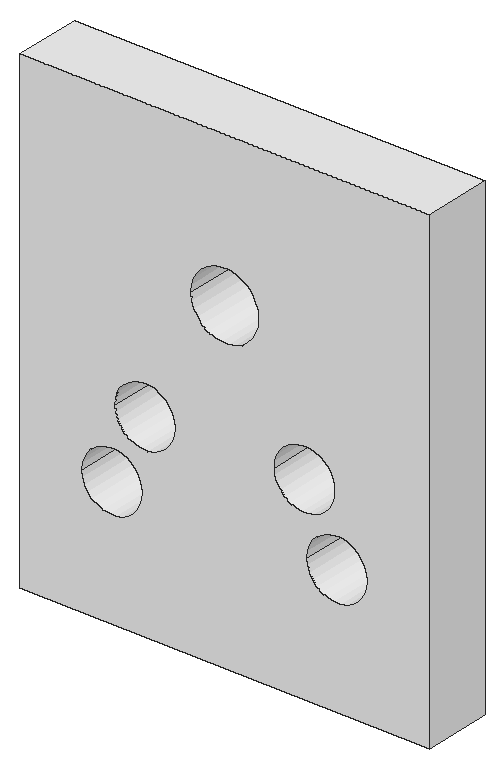
Revit family
Parameters (values of type "30x35 mm")
  Switch Material = Plastic
  Mounting Height = 1000 mm
Reference planes
  plane 1: y = 0
  plane 2 "Center (Left/Right)": x = 125
  plane 3 "Back": y = 75
  plane 4: z = 1000
Forms (mm)
  Extrusion 1, solid, material "Plastic" <- "Switch Material"
    sketch origin (0, 75, 0) x (1, 0, 0) y (0, 0, 1)
      loop
        line (110, 1000) -> (140, 1000) -> (140, 1035) -> (110, 1035) -> (110, 1000)
      loop
        circle (125, 1023.755) r 2.5
      loop
        circle (116.774, 1009.331) r 2.221
      loop
        circle (133.226, 1009.331) r 2.221
      loop
        circle (119.153, 1014.42) r 2.221
      loop
        circle (130.847, 1014.42) r 2.221
    from 0 to -5
Lines and regions (mm)
  symbolic lines
    curve 1: line (110, 80, 0) -> (140, 80, 0)
    curve 2: line (110, 75, 0) -> (110, 80, 0)
    curve 3: line (140, 75, 0) -> (110, 75, 0)
    curve 4: line (140, 80, 0) -> (140, 75, 0)
Text (mm)
  text "Placement side" at (-1867.185, 1116.779, 0), in view "Ref. Level"
  text "Placement side" at (0, 1270.507, 3001.832), in view "Left"
  text "Placement side" at (0, 530.812, 2999.686), in view "Right"
Dimensions and locks
  locked: plane 3 "Back" to host wall
  locked: Extrusion 1 to plane 3 "Back" at 5
  locked: plane 3 "Back" to curve 1 at 5
  "Mounting Height": level to plane 4
  aligned and locked: plane 1 to host wall
  aligned and locked: Extrusion 1 to host wall
  aligned and locked: curve 1 to Extrusion 1
  aligned and locked: curve 4 to Extrusion 1  (x2)
Automatic sketch dimensions
  Extrusion 1 sketch curve to plane 4 = 0 mm
  Extrusion 1 sketch curve to plane 2 "Center (Left/Right)" = 0 mm
  Extrusion 1 sketch curve to plane 2 "Center (Left/Right)" = 5.847 mm
  Extrusion 1 sketch curve to Extrusion 1 sketch curve = 2.379 mm  (x2)
  Extrusion 1 sketch curve to Extrusion 1 sketch curve = 6.774 mm
  plane 2 "Center (Left/Right)" to Extrusion 1 sketch curve = 5.847 mm
  plane 2 "Center (Left/Right)" to Extrusion 1 sketch curve = 15 mm
  Extrusion 1 sketch curve to plane 4 = 9.331 mm  (x2)
  Extrusion 1 sketch curve to Extrusion 1 sketch curve = 5.089 mm  (x2)
  Extrusion 1 sketch curve to Extrusion 1 sketch curve = 9.335 mm
  Extrusion 1 sketch curve to Extrusion 1 sketch curve = 11.245 mm
  radius of Extrusion 1 sketch curve = 2.5 mm
  radius of Extrusion 1 sketch curve = 2.221 mm  (x4)
